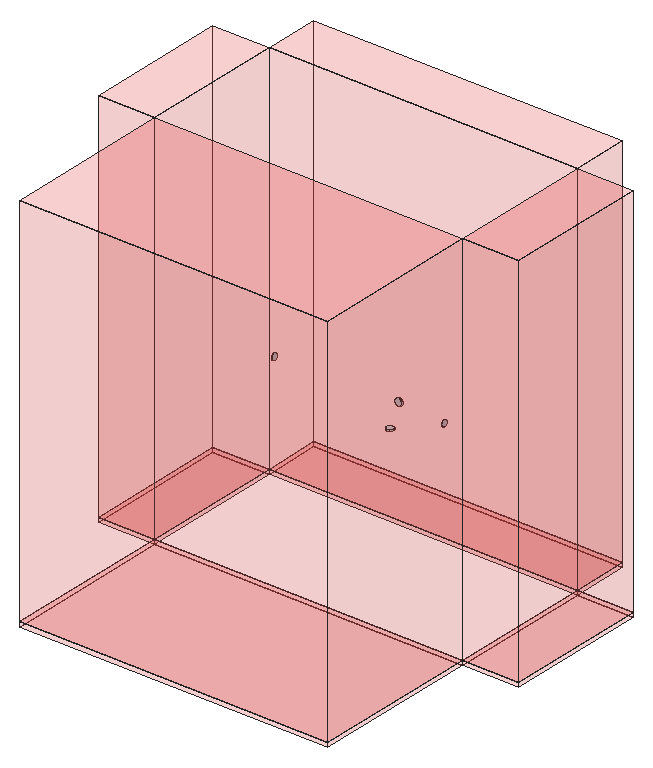
Revit family "ATPSF-201-208-S REV2", category Mechanical Equipment, Revit 2017
Family settings
  Round Connector Dimension = Use Diameter
  Part Type = Normal
  OmniClass Number = 23.75.00.00
  OmniClass Title = Climate Control (HVAC)
  Work Plane-Based = No
  Always vertical = Yes
  Cut with Voids When Loaded = No
  Shared = No
  Room Calculation Point = No
Parameters (values of type "205-S_1095/1287 GPH_50 PSI_1-1/2 HP_1165 RPM")
  URL = "www.preferred-mfg.com"
  Weight = 700.00 lbf
  Relief Valve Radius = Relief Valve Diameter / 2  # 0' - 0 5/8"
  Relief Valve Diameter = 0' - 1 1/4"
  RPM = 1165
  Phase = if([115/208/230 Volts], 1, if([208/230/460 Volts], 3, 0))  # 3
  PSI = 50.00 psi
  Outlet Radius = Outlet Diameter / 2  # 0' - 0 3/4"
  Outlet Diameter = 0' - 1 1/2"
  Optional Features Catalog Number [instance] = "Simplex Strainer \"-S\""
  Model = "ATPSF-205-S"
  Manufacturer = "Preferred Utilities MFG"
  Inlet Radius = Inlet Diameter / 2  # 0' - 0 3/4"
  Inlet Diameter = 0' - 1 1/2"
  HP = if([1/3HP], "1/3", if([1/2HP], "1/2", if([3/4HP], "3/4", if([1HP], "1", if([1-1/2HP], "1-1/2", if([2HP], "2", "Select HP"))))))  # "1-1/2"
  G.P.H. Oil #2 / #4 = "1095 / 1287"
  Description = "Automatic Fuel Oil Transfer Pump Set"
  Clearance [instance] = yes
  Base Width = 2' - 6 1/2"
  Base Lenglth = 5' - 5 1/2"
  Base Height = 6' - 9 5/8"
  3/4HP = no
  208/230/460 Volts = if([1/2HP], 1 = 1, if([3/4HP], 1 = 1, if([1HP], 1 = 1, if([1-1/2HP], 1 = 1, if([2HP], 1 = 1, 1 = 0)))))  # yes
  1HP = no
  115/208/230 Volts = if([1/3HP], 1 = 1, 1 = 0)  # no
  1/3HP = no
  1/2HP = no
  1-1/2HP = yes
  2HP = no
Types (6): name | Relief Valve Radius | Relief Valve Diameter | RPM | PSI | Outlet Radius | Outlet Diameter | Model | Inlet Radius | Inlet Diameter | HP | G.P.H. Oil #2 / #4 | Base Height | 3/4HP | 1/2HP | 1-1/2HP | 2HP
  201-S_375/423 GPH_50 PSI_1/2 HP_1140 RPM | 0' - 0 1/4" | 0' - 0 1/2" | 1140 | 50.00 psi | 0' - 0 1/2" | 0' - 1" | "ATPSF-201-S" | 0' - 0 1/2" | 0' - 1" | "1/2" | "375 / 423" | 6' - 4 5/8" | no | yes | no | no
  202-S_340/408 GPH_100 PSI_3/4 HP_1140 RPM | 0' - 0 1/4" | 0' - 0 1/2" | 1140 | 100.00 psi | 0' - 0 1/2" | 0' - 1" | "ATPSF-202-S" | 0' - 0 1/2" | 0' - 1" | "3/4" | "340 / 408" | 6' - 4 5/8" | yes | no | no | no
  203-S_757/875 GPH_50 PSI_3/4 HP_1140 RPM | 0' - 0 3/8" | 0' - 0 3/4" | 1140 | 50.00 psi | 0' - 0 3/4" | 0' - 1 1/2" | "ATPSF-203-S" | 0' - 0 3/4" | 0' - 1 1/2" | "3/4" | "757 / 875" | 6' - 9 5/8" | yes | no | no | no
  204-S_714/881 GPH_100 PSI_1-1/2 HP_1165 RPM | 0' - 0 3/8" | 0' - 0 3/4" | 1165 | 100.00 psi | 0' - 0 3/4" | 0' - 1 1/2" | "ATPSF-204-S" | 0' - 0 3/4" | 0' - 1 1/2" | "1-1/2" | "714 / 881" | 6' - 9 5/8" | no | no | yes | no
  205-S_1095/1287 GPH_50 PSI_1-1/2 HP_1165 RPM | 0' - 0 5/8" | 0' - 1 1/4" | 1165 | 50.00 psi | 0' - 0 3/4" | 0' - 1 1/2" | "ATPSF-205-S" | 0' - 0 3/4" | 0' - 1 1/2" | "1-1/2" | "1095 / 1287" | 6' - 9 5/8" | no | no | yes | no
  206-S_1005/1277 GPH_100 PSI_2 HP_1170 RPM | 0' - 0 1/2" | 0' - 1" | 1170 | 100.00 psi | 0' - 0 3/4" | 0' - 1 1/2" | "ATPSF-206-S" | 0' - 0 3/4" | 0' - 1 1/2" | "2" | "1005 / 1277" | 6' - 9 5/8" | no | no | no | yes
Reference planes (in)
  plane 1 "Center (Front/Back)": y = 0
  plane 2: z = 0
  plane 3 "Center (Left/Right)": x = 0
  plane 4 "Outlet": z = 15.35714
  plane 5 "Inlet": z = 19.74627
  plane 6: x = 10.01296
  plane 7: y = 26.155
  plane 8: x = -26.24304
Forms (in)
  Extrusion 1, solid, visible <- "Clearance"
    sketch origin (-150.81918, -17.5, 0) x (1, 0, 0) y (0, 1, 0)
      loop
        line (183.69, 48) -> (183.69, 17.5) -> (195.69, 17.5) -> (195.69, 48) -> (183.69, 48)
    from 0 to 1
  Extrusion 2, solid, visible <- "Clearance"
    sketch origin (-150.81918, -17.5, 0) x (1, 0, 0) y (0, 1, 0)
      loop
        line (183.69, 48) -> (183.69, 17.5) -> (195.69, 17.5) -> (195.69, 48) -> (183.69, 48)
    from 1 to 81.625 <- "Base Height"
  Extrusion 3, solid, visible <- "Clearance"
    sketch origin (150.81918, -17.5, 0) x (-1, 0, 0) y (0, -1, 0)
      loop
        line (183.69, -48) -> (195.69, -48) -> (195.69, -17.5) -> (183.69, -17.5) -> (183.69, -48)
    from 0 to 1
  Extrusion 4, solid, visible <- "Clearance"
    sketch origin (150.81918, -17.5, 0) x (-1, 0, 0) y (0, -1, 0)
      loop
        line (183.69, -48) -> (195.69, -48) -> (195.69, -17.5) -> (183.69, -17.5) -> (183.69, -48)
    from 1 to 81.625 <- "Base Height"
  Extrusion 5, solid, visible <- "Clearance"
    sketch origin (-198.94, 72, 0) x (1, 0, 0) y (0, 1, 0)
      loop
        line (166.06918, -41.5) -> (231.81082, -41.5) -> (231.81082, -29.5) -> (166.06918, -29.5) -> (166.06918, -41.5)
    from 0 to 1
  Extrusion 6, solid, visible <- "Clearance"
    sketch origin (-198.94, 72, 0) x (1, 0, 0) y (0, 1, 0)
      loop
        line (166.06918, -41.5) -> (231.81082, -41.5) -> (231.81082, -29.5) -> (166.06918, -29.5) -> (166.06918, -41.5)
    from 1 to 81.625 <- "Base Height"
  Extrusion 7, solid
    sketch origin (-29.12385, 5.13756, 19.9375) x (-1, 0, 0) y (0, -1, 0)
      loop
        circle (-24.33381, -22.45494) r 0.75
    from 0 to 0.125
  Extrusion 8, solid
    sketch origin (10.01296, 9.36302, 5.91039) x (0, 1, 0) y (0, 0, 1)
      loop
        circle (14.14043, 22.11121) r 0.625
    from 0 to 0.125
  Extrusion 9, solid, visible <- "Clearance"
    sketch origin (-196.187, -41.5, 0) x (1, 0, 0) y (0, 1, 0)
      loop
        line (163.31618, 41.5) -> (163.31618, 5.5) -> (229.05783, 5.5) -> (229.05783, 41.5) -> (163.31618, 41.5)
    from 0 to 1
  Extrusion 10, solid, visible <- "Clearance"
    sketch origin (-205.02358, -41.5, 0) x (1, 0, 0) y (0, 1, 0)
      loop
        line (172.15276, 41.5) -> (172.15276, 5.5) -> (237.8944, 5.5) -> (237.8944, 41.5) -> (172.15276, 41.5)
    from 1 to 81.625 <- "Base Height"
  Extrusion 11, solid
    sketch origin (-0.5, 26.155, 0) x (0, 0, 1) y (-1, 0, 0)
      loop
        circle (26.8125, 1.1733) r 0.75
    from 0 to 0.125
  Extrusion 12, solid
    sketch origin (-26.24304, 9.36302, 5.91039) x (0, 1, 0) y (0, 0, 1)
      loop
        circle (14.14043, 22.11121) r 0.625
    from 0 to 0.125
Dimensions and locks (in)
  Extrusion 10 to Extrusion 6 = 2' - 6 1/2"
  Extrusion 6 to Extrusion 6 = 5' - 5.74164"
  "Outlet Radius": radius of Extrusion 7 sketch curve
  "Relief Valve Radius": radius of Extrusion 8 sketch curve
  "Inlet Radius": radius of Extrusion 11 sketch curve
  "Relief Valve Radius": radius of Extrusion 12 sketch curve
  aligned and locked: level to plane 2
Automatic sketch dimensions
  plane 1 "Center (Front/Back)" to Extrusion 1 sketch curve = 0' - 0"
  Extrusion 1 sketch curve to Extrusion 1 sketch curve = 1' - 0"
  Extrusion 1 sketch curve to plane 1 "Center (Front/Back)" = 2' - 6 1/2"
  plane 1 "Center (Front/Back)" to Extrusion 2 sketch curve = 0' - 0"
  Extrusion 2 sketch curve to Extrusion 2 sketch curve = 1' - 0"
  Extrusion 2 sketch curve to plane 1 "Center (Front/Back)" = 2' - 6 1/2"
  plane 1 "Center (Front/Back)" to Extrusion 3 sketch curve = 0' - 0"
  Extrusion 3 sketch curve to Extrusion 3 sketch curve = 1' - 0"
  Extrusion 3 sketch curve to plane 1 "Center (Front/Back)" = 2' - 6 1/2"
  plane 1 "Center (Front/Back)" to Extrusion 4 sketch curve = 0' - 0"
  Extrusion 4 sketch curve to Extrusion 4 sketch curve = 1' - 0"
  Extrusion 4 sketch curve to plane 1 "Center (Front/Back)" = 2' - 6 1/2"
  Extrusion 5 sketch curve to plane 1 "Center (Front/Back)" = 2' - 6 1/2"
  Extrusion 5 sketch curve to Extrusion 5 sketch curve = 1' - 0"
  Extrusion 6 sketch curve to plane 1 "Center (Front/Back)" = 2' - 6 1/2"
  Extrusion 6 sketch curve to Extrusion 6 sketch curve = 1' - 0"
  Extrusion 9 sketch curve to plane 8 = 0' - 6.62778"
  plane 6 to Extrusion 9 sketch curve = 1' - 10.85786"
  plane 1 "Center (Front/Back)" to Extrusion 9 sketch curve = 3' - 0"
  Extrusion 9 sketch curve to Extrusion 9 sketch curve = 3' - 0"
  Extrusion 10 sketch curve to plane 8 = 0' - 6.62778"
  plane 6 to Extrusion 10 sketch curve = 1' - 10.85786"
  plane 1 "Center (Front/Back)" to Extrusion 10 sketch curve = 3' - 0"
  Extrusion 10 sketch curve to Extrusion 10 sketch curve = 3' - 0"
  plane 6 to Extrusion 1 sketch curve = 1' - 10.85786"
  plane 6 to Extrusion 2 sketch curve = 1' - 10.85786"
  Extrusion 3 sketch curve to plane 8 = 0' - 6.62778"
  Extrusion 4 sketch curve to plane 8 = 0' - 6.62778"
  Extrusion 5 sketch curve to plane 8 = 0' - 6.62778"
  plane 6 to Extrusion 5 sketch curve = 1' - 10.85786"
  Extrusion 6 sketch curve to plane 8 = 0' - 6.62778"
  plane 6 to Extrusion 6 sketch curve = 1' - 10.85786"
  Extrusion 7 sketch curve to plane 7 = 0' - 1 7/16"
  Extrusion 7 sketch curve to plane 3 "Center (Left/Right)" = 0' - 4.79004"
  plane 7 to Extrusion 8 sketch curve = 0' - 2.65155"
  plane 5 "Inlet" to Extrusion 8 sketch curve = 0' - 8.27533"
  Extrusion 11 sketch curve to plane 3 "Center (Left/Right)" = 0' - 1.6733"
  plane 5 "Inlet" to Extrusion 11 sketch curve = 0' - 7.06623"
  plane 7 to Extrusion 12 sketch curve = 0' - 2.65155"
  plane 5 "Inlet" to Extrusion 12 sketch curve = 0' - 8.27533"
Connectors (in)
  piping at (-4.79004, 27.5925, 19.9375), diameter 1.5, driven by "Outlet Diameter"
    settings: on Extrusion 7, index 9, connector inside diameter 24", connector length 0' - 0", flow factor 0, pipe flow 0 GPM, pressure drop 0.00 psi, fitting loss kfactor 0, connector angle 0.00°, fixture units 0, engagement length 0' - 0", angle of deflection 0.00°, flow configuration 0, flow direction 0, fitting loss method 0, system type 28, joint type 0, gender type 0, connector reference index -1, connector utility 0, adjustable connector no, is connector primary yes, connector description ""
  piping at (10.01296, 23.50345, 28.02159), diameter 1.25, driven by "Relief Valve Diameter"
    settings: on Extrusion 8, index 10, connector inside diameter 24", connector length 0' - 0", flow factor 0, pipe flow 0 GPM, pressure drop 0.00 psi, fitting loss kfactor 0, connector angle 0.00°, fixture units 0, engagement length 0' - 0", angle of deflection 0.00°, flow configuration 0, flow direction 0, fitting loss method 0, system type 28, joint type 0, gender type 0, connector reference index -1, connector utility 0, adjustable connector no, is connector primary no, connector description ""
  piping at (-1.6733, 26.03, 26.8125), diameter 1.5, driven by "Inlet Diameter"
    settings: on Extrusion 11, index 11, connector inside diameter 24", connector length 0' - 0", flow factor 0, pipe flow 0 GPM, pressure drop 0.00 psi, fitting loss kfactor 0, connector angle 0.00°, fixture units 0, engagement length 0' - 0", angle of deflection 0.00°, flow configuration 0, flow direction 0, fitting loss method 0, system type 28, joint type 0, gender type 0, connector reference index -1, connector utility 0, adjustable connector no, is connector primary no, connector description ""
  piping at (-26.24304, 23.50345, 28.02159), diameter 1.25, driven by "Relief Valve Diameter"
    settings: on Extrusion 12, index 12, connector inside diameter 24", connector length 0' - 0", flow factor 0, pipe flow 0 GPM, pressure drop 0.00 psi, fitting loss kfactor 0, connector angle 0.00°, fixture units 0, engagement length 0' - 0", angle of deflection 0.00°, flow configuration 0, flow direction 0, fitting loss method 0, system type 28, joint type 0, gender type 0, connector reference index -1, connector utility 0, adjustable connector no, is connector primary no, connector description ""
